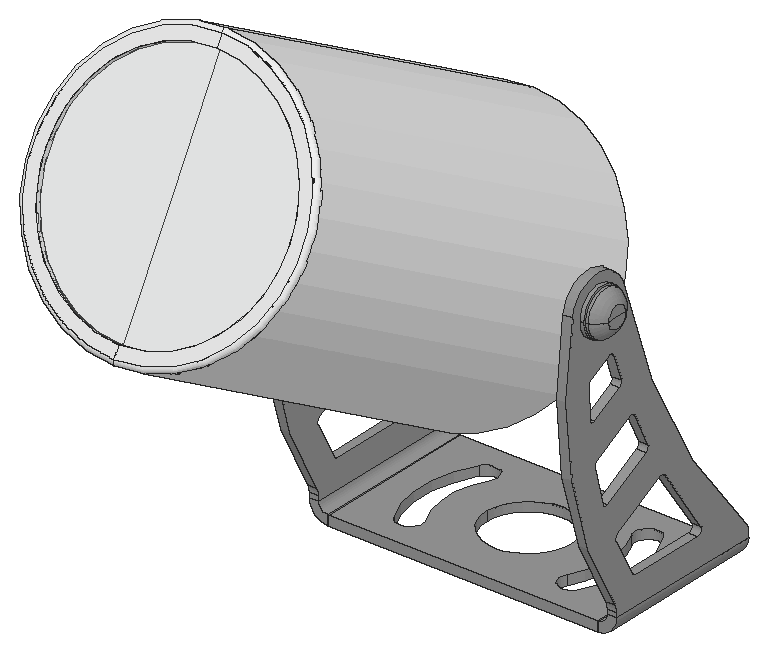
Revit family "Spot 2.4", category Lighting Fixtures, Revit 2017
Family settings
  Round Connector Dimension = Use Diameter
  Part Type = Normal
  OmniClass Number = 23.80.70.00
  OmniClass Title = Lighting
  Work Plane-Based = No
  Always vertical = No
  Cut with Voids When Loaded = No
  Light Source = No
  Shared = No
  Room Calculation Point = Yes
Parameters (values of type "Spot 2.4_L 60° (3000K 8W 230Vac)")
  X1 [instance] = 100 mm
  Wiring = "-"
  Width mm = 60 mm
  Weight kg = "0.70 kg"
  Voltage = 230 V
  Vertical rotation max = 240.00°
  Vertical Rotation max_1 [instance] = 120.00°
  Vertical Rotation Adjusted [instance] = if(Vertical Rotation 2 < Vertical Rotation min, Vertical Rotation min, if(Vertical Rotation 2 > Vertical Rotation max_1, Vertical Rotation max_1, Vertical Rotation 2))  # -60.00°
  Vertical Rotation 2 [instance] = Vertical Rotation - 90.00°  # -60.00°
  Vertical Rotation min [instance] = -120.00°
  URL Accessories and power supply units = "https://www.lucelight.it/en/prodotto.php/118034#a-scheda-accessori"
  URL = "https://www.lucelight.it/en/prodotto.php/118034"
  URL Technical sheet = "https://www.lucelight.it/media/prodotti/st/ST_SPOT_24.pdf"
  URL Image = "https://www.lucelight.it/media/prodotti/foto/spot_2.4_still.jpg"
  URL IES Photometric file = "https://www.lucelight.it/media/prodotti/fotometrie/spot_2.4_ies.zip"
  URL General code = "https://www.lucelight.it/en/prodotto.php/118034#a-generacodice"
  URL Description = "https://www.lucelight.it/en/capitolato.php/118034"
  URL DXF = "https://www.lucelight.it/media/prodotti/dxf/spot_2.4.dxf"
  URL Catalogue = "https://www.lucelight.it/media/prodotti/brochure/spot_brochure_en.pdf"
  Power supply unit = "built-in"
  Power supply = "230Vac"
  Power cables = "includes 1,5 m neoprene cable H05RN-F 3x1,0 Ø7 mm"
  Power = "8W"
  Optics = "60°"
  No. and type of led = "1 power LED High Intensity, 3-step MacAdam, 50 000h L85 B10 (Ta 25°C)"
  Model = "Spot 2.4"
  Manufacturer = "L&L Luce&Light"
  Light Source = Light Source : L60°
  Geometry = Spot2.4_mod : Spot2.4_mod
  Notes = "-"
  Mounting = "surface mounted (ceiling, wall, ground, spike)"
  Material = "body in anticorodal aluminium, screen in serigraphed, transparent and tempered extra-clear glass"
  Lumen output at source = "781 lm (3000K)"
  Description = "Outdoor projectors"
  Body = L&L_White
  Base = L&L_Stainless steel
  Lens = L&L_Tempered extra-clear glass
  Length mm = 95 mm
  LED Colour = "3000K (also available: 4000K - ref. URL Technical sheet)"
  IP = "66"
  Height mm = 143 mm
  H1 [instance] = 65 mm
  Vertical Rotation [instance] = 30.00°
  Features = "-"
  Energy efficiency class = "A A+ A++"
  Delivered lumen output = "515 lm (3000K, 34°)"
  Cutout dimensions = "-"
  Control system = "-"
  Contact = "T: +39 0444 360571; E: lucelight@lucelight.it"
  Company = "L&L Luce&Light"
  Code = "CF2410000050SH Anthracite; CF2410000050SE White"
  CRI = "80"
  Base bracket = Spot2.4_Base braket : Spot2.4_Base braket
  Bracket = L&L_Grey aluminium
  Apparent Load Phase 1 = 8 W
Types (3, lengths in mm): name | Optics | Light Source
  Spot 2.4_L 60° (3000K 8W 230Vac) | "60°" | Light Source : L60°
  Spot 2.4_M 34° (3000K 8W 230Vac) | "34°" | Light Source : M34°
  Spot 2.4_S 20° (3000K 8W 230Vac) | "20°" | Light Source : S20°
Reference planes
  plane 1 "Light Source Axis (F/B)": y = 0
  plane 2: z = 0
  plane 3 "Light Source Axis (L/R)": x = 0
  plane 4 "Light Source Elevation": z = 65
  plane 5: y = 100
Lines and regions (mm)
  reference lines
    curve 1: line (0, 100, 65) -> (0, 151.962, 35)
Dimensions and locks
  "X1": plane 1 "Light Source Axis (F/B)" to plane 5
  "H1": level to plane 4 "Light Source Elevation"
  "Vertical Rotation Adjusted": angle plane 1 "Light Source Axis (F/B)" to curve 1
  aligned and locked: level to plane 2
  aligned and locked: plane 5 to curve 1
  aligned and locked: plane 4 "Light Source Elevation" to curve 1
  aligned and locked: nested 2 to nested 3
Nested families
  nested 1: "Spot2.4_Base braket" at (0, 187.658, 0), type <- "Base bracket", type "Spot2.4_Base braket"
  nested 2: "Spot2.4_mod" at (0, 108.66, 60) x (1, 0, 0) z (0, -0.866, 0.5), type <- "Geometry", type "Spot2.4_mod"
  nested 3: "Light Source" at (1.928, 26.388, 107.5) x (0, 0.5, 0.866) z (0, -0.866, 0.5), type <- "Light Source", type "L60°"
Connectors
  electrical at (0, 100, 0), driven by "Voltage", driven by "Apparent Load Phase 1"
    settings: index 1, voltage 230 V, apparent load 0 VA, apparent load phase1 8 VA, apparent load phase2 0 VA, apparent load phase3 0 VA, power factor 1, load classification "Lighting", number of poles 1, system type 31, power factor state 1, is connector primary yes, connector utility no, sub classification motor no, connector description ""
Definition of nested family "Spot2.4_Base braket"
  Parameters (values of type "Spot2.4_Base braket")
    Width = 377.724 mm
    Length = 65.5 mm
    Base Braket = none
  Reference planes
    plane 1 "Light Source Axis (F/B)": y = 0
    plane 2: z = 0
    plane 3 "Light Source Axis (L/R)": x = 0
    plane 4 "Light Source Elevation": z = 72
    plane 5: x = -32.75
    plane 6: x = 32.75
    plane 7: z = 4
  Forms (mm)
    Extrusion 1, solid, material <- "Base Braket", detail levels coarse
      sketch origin (0, 0, 0) x (0, 1, 0) y (0, 0, 1)
        loop
          line (-47.658, 0) -> (-81.725, 72) -> (-100.044, 72) -> (-82.658, 0) -> (-47.658, 0)
      from -32.75 to 32.75
    Extrusion 2, solid, material <- "Base Braket", detail levels medium
      sketch origin (0, 0, 0) x (0, 1, 0) y (0, 0, 1)
        loop
          line (-82.658, 5) -> (-82.658, 4) -> (-47.658, 4) -> (-47.658, 5)
          arc (-47.658, 5) -> (-47.862, 6.089) -> (-48.448, 7.029) r 3
          arc (-48.448, 7.029) -> (-68.342, 34.891) -> (-80.88, 66.748) r 140
          arc (-80.88, 66.748) -> (-87.834, 71.998) -> (-94.516, 66.405) r 7
          arc (-94.516, 66.405) -> (-94.733, 35.399) -> (-83.145, 6.639) r 80
          arc (-83.145, 6.639) -> (-82.782, 5.855) -> (-82.658, 5) r 3
      from 30.75 to 32.75
    Extrusion 3, solid, material <- "Base Braket", detail levels medium+fine
      sketch origin (-97.85, 253.6, 0) x (1, 0, 0) y (0, 0, 1)
        loop
          line (130.6, 4) -> (128.6, 4)
          arc (128.6, 4) -> (128.014, 2.586) -> (126.6, 2) r 2
          line (126.6, 2) -> (126.6, 0)
          arc (126.6, 0) -> (129.428, 1.172) -> (130.6, 4) r 4
      from 301.258 to 336.258
    Extrusion 4, solid, material <- "Base Braket", detail levels fine
      sketch origin (0, 0, 0) x (1, 0, 0) y (0, 1, 0)
        loop
          line (28.75, -47.658) -> (-28.75, -47.658) -> (-28.75, -82.658) -> (28.75, -82.658) -> (28.75, -47.658)
        loop
          arc (-19.702, -53.783) -> (-22.75, -65.158) -> (-19.702, -76.533) r 22.75
          arc (-19.702, -76.533) -> (-15.946, -77.54) -> (-14.939, -73.783) r 2.75
          arc (-14.939, -73.783) -> (-17.25, -65.158) -> (-14.939, -56.533) r 17.25
          arc (-14.939, -56.533) -> (-15.946, -52.776) -> (-19.702, -53.783) r 2.75
        loop
          arc (19.702, -53.783) -> (15.946, -52.776) -> (14.939, -56.533) r 2.75
          arc (14.939, -56.533) -> (17.25, -65.158) -> (14.939, -73.783) r 17.25
          arc (14.939, -73.783) -> (15.946, -77.54) -> (19.702, -76.533) r 2.75
          arc (19.702, -76.533) -> (22.75, -65.158) -> (19.702, -53.783) r 22.75
        loop
          circle (0, -65.158) r 9
      from 0 to 2
    Extrusion 5, solid, material <- "Base Braket", detail levels medium
      sketch origin (0, 0, 0) x (1, 0, 0) y (0, 1, 0)
        loop
          line (28.75, -47.658) -> (-28.75, -47.658) -> (-28.75, -82.658) -> (28.75, -82.658) -> (28.75, -47.658)
      from 0 to 2
    Extrusion 6, solid, material <- "Base Braket", detail levels medium
      sketch origin (0, 0, 0) x (0, 1, 0) y (0, 0, -1)
        loop
          arc (-82.658, -5) -> (-82.782, -5.855) -> (-83.145, -6.639) r 3
          arc (-83.145, -6.639) -> (-94.733, -35.399) -> (-94.516, -66.405) r 80
          arc (-94.516, -66.405) -> (-87.834, -71.998) -> (-80.88, -66.748) r 7
          arc (-80.88, -66.748) -> (-68.342, -34.891) -> (-48.448, -7.029) r 140
          arc (-48.448, -7.029) -> (-47.862, -6.089) -> (-47.658, -5) r 3
          line (-47.658, -5) -> (-47.658, -4) -> (-82.658, -4) -> (-82.658, -5)
      from 30.75 to 32.75
    Extrusion 7, solid, material <- "Base Braket", detail levels medium+fine
      sketch origin (97.85, 253.6, 0) x (-1, 0, 0) y (0, 0, -1)
        loop
          arc (130.6, -4) -> (129.428, -1.172) -> (126.6, 0) r 4
          line (126.6, 0) -> (126.6, -2)
          arc (126.6, -2) -> (128.014, -2.586) -> (128.6, -4) r 2
          line (128.6, -4) -> (130.6, -4)
      from 301.258 to 336.258
    Extrusion 8, solid, material <- "Base Braket", detail levels fine
      sketch origin (0, 0, 0) x (0, 1, 0) y (0, 0, 1)
        loop
          line (-82.658, 5) -> (-82.658, 4) -> (-47.658, 4) -> (-47.658, 5)
          arc (-47.658, 5) -> (-47.862, 6.089) -> (-48.448, 7.029) r 3
          arc (-48.448, 7.029) -> (-68.342, 34.891) -> (-80.88, 66.748) r 140
          arc (-80.88, 66.748) -> (-87.834, 71.998) -> (-94.516, 66.405) r 7
          arc (-94.516, 66.405) -> (-94.733, 35.399) -> (-83.145, 6.639) r 80
          arc (-83.145, 6.639) -> (-82.782, 5.855) -> (-82.658, 5) r 3
        loop
          arc (-89.605, 52.543) -> (-89.985, 52.183) -> (-90.131, 51.681) r 1
          arc (-90.131, 51.681) -> (-90.114, 48.277) -> (-89.94, 44.878) r 74
          arc (-89.94, 44.878) -> (-89.424, 44.075) -> (-88.47, 44.071) r 1
          line (-88.47, 44.071) -> (-81.874, 47.616)
          arc (-81.874, 47.616) -> (-81.409, 48.151) -> (-81.415, 48.859) r 1
          arc (-81.415, 48.859) -> (-82.475, 51.676) -> (-83.478, 54.515) r 146
          arc (-83.478, 54.515) -> (-84.059, 55.123) -> (-84.897, 55.073) r 1
          line (-84.897, 55.073) -> (-89.605, 52.543)
        loop
          arc (-88.08, 36.334) -> (-88.513, 35.875) -> (-88.586, 35.249) r 1
          arc (-88.586, 35.249) -> (-87.621, 31.195) -> (-86.429, 27.202) r 74
          arc (-86.429, 27.202) -> (-85.85, 26.586) -> (-85.006, 26.633) r 1
          line (-85.006, 26.633) -> (-74.798, 32.119)
          arc (-74.798, 32.119) -> (-74.314, 32.709) -> (-74.387, 33.468) r 1
          arc (-74.387, 33.468) -> (-76.197, 37.007) -> (-77.91, 40.595) r 146
          arc (-77.91, 40.595) -> (-78.501, 41.124) -> (-79.291, 41.057) r 1
          line (-79.291, 41.057) -> (-88.08, 36.334)
        loop
          arc (-82.591, 19.984) -> (-83.067, 19.416) -> (-83.021, 18.676) r 1
          arc (-83.021, 18.676) -> (-80.877, 14.496) -> (-78.471, 10.461) r 74
          arc (-78.471, 10.461) -> (-78.109, 10.123) -> (-77.629, 10) r 1
          line (-77.629, 10) -> (-60.994, 10)
          arc (-60.994, 10) -> (-60.095, 10.562) -> (-60.207, 11.617) r 1
          arc (-60.207, 11.617) -> (-65.294, 18.513) -> (-69.968, 25.695) r 146
          arc (-69.968, 25.695) -> (-70.56, 26.139) -> (-71.295, 26.055) r 1
          line (-71.295, 26.055) -> (-82.591, 19.984)
        loop
          circle (-87.658, 65) r 5
      from 30.75 to 32.75
    Extrusion 9, solid, material <- "Base Braket", detail levels fine
      sketch origin (0, 0, 0) x (0, 1, 0) y (0, 0, 1)
        loop
          circle (-87.658, 65) r 5
      from 29.75 to 33.75
    Revolve 10, solid, material <- "Base Braket", detail levels fine
      sketch origin (-63.839, 0, 64.996) x (0, 1, 0) y (-1, 0, 0)
        loop
          line (-92.408, -97.589) -> (-92.408, -98.385)
          arc (-92.408, -98.385) -> (-91.345, -99.717) -> (-89.908, -100.635) r 5.2
          line (-89.908, -100.635) -> (-87.658, -100.635) -> (-87.658, -97.589) -> (-92.408, -97.589)
        axis (-87.658, -97.589) -> (-87.658, -100.635)
      angle from 0 to 360
    Extrusion 11, solid, material <- "Base Braket", detail levels fine
      sketch origin (0, 0, 0) x (0, 1, 0) y (0, 0, -1)
        loop
          arc (-82.658, -5) -> (-82.782, -5.855) -> (-83.145, -6.639) r 3
          arc (-83.145, -6.639) -> (-94.733, -35.399) -> (-94.516, -66.405) r 80
          arc (-94.516, -66.405) -> (-87.834, -71.998) -> (-80.88, -66.748) r 7
          arc (-80.88, -66.748) -> (-68.342, -34.891) -> (-48.448, -7.029) r 140
          arc (-48.448, -7.029) -> (-47.862, -6.089) -> (-47.658, -5) r 3
          line (-47.658, -5) -> (-47.658, -4) -> (-82.658, -4) -> (-82.658, -5)
        loop
          line (-89.605, -52.543) -> (-84.897, -55.073)
          arc (-84.897, -55.073) -> (-84.059, -55.123) -> (-83.478, -54.515) r 1
          arc (-83.478, -54.515) -> (-82.475, -51.676) -> (-81.415, -48.859) r 146
          arc (-81.415, -48.859) -> (-81.409, -48.151) -> (-81.874, -47.616) r 1
          line (-81.874, -47.616) -> (-88.47, -44.071)
          arc (-88.47, -44.071) -> (-89.424, -44.075) -> (-89.94, -44.878) r 1
          arc (-89.94, -44.878) -> (-90.114, -48.277) -> (-90.131, -51.681) r 74
          arc (-90.131, -51.681) -> (-89.985, -52.183) -> (-89.605, -52.543) r 1
        loop
          line (-88.08, -36.334) -> (-79.291, -41.057)
          arc (-79.291, -41.057) -> (-78.501, -41.124) -> (-77.91, -40.595) r 1
          arc (-77.91, -40.595) -> (-76.197, -37.007) -> (-74.387, -33.468) r 146
          arc (-74.387, -33.468) -> (-74.314, -32.709) -> (-74.798, -32.119) r 1
          line (-74.798, -32.119) -> (-85.006, -26.633)
          arc (-85.006, -26.633) -> (-85.85, -26.586) -> (-86.429, -27.202) r 1
          arc (-86.429, -27.202) -> (-87.621, -31.195) -> (-88.586, -35.249) r 74
          arc (-88.586, -35.249) -> (-88.513, -35.875) -> (-88.08, -36.334) r 1
        loop
          line (-82.591, -19.984) -> (-71.295, -26.055)
          arc (-71.295, -26.055) -> (-70.56, -26.139) -> (-69.968, -25.695) r 1
          arc (-69.968, -25.695) -> (-65.294, -18.513) -> (-60.207, -11.617) r 146
          arc (-60.207, -11.617) -> (-60.095, -10.562) -> (-60.994, -10) r 1
          line (-60.994, -10) -> (-77.629, -10)
          arc (-77.629, -10) -> (-78.109, -10.123) -> (-78.471, -10.461) r 1
          arc (-78.471, -10.461) -> (-80.877, -14.496) -> (-83.021, -18.676) r 74
          arc (-83.021, -18.676) -> (-83.067, -19.416) -> (-82.591, -19.984) r 1
        loop
          circle (-87.658, -65) r 5
      from 30.75 to 32.75
    Extrusion 12, solid, material <- "Base Braket", detail levels fine
      sketch origin (0, 0, 0) x (0, 1, 0) y (0, 0, -1)
        loop
          circle (-87.658, -65) r 5
      from 29.75 to 33.75
    Revolve 13, solid, material <- "Base Braket", detail levels fine
      sketch origin (63.839, 0, 64.996) x (0, 1, 0) y (-1, 0, 0)
        loop
          line (-92.408, 97.589) -> (-87.658, 97.589) -> (-87.658, 100.635) -> (-89.908, 100.635)
          arc (-89.908, 100.635) -> (-91.345, 99.717) -> (-92.408, 98.385) r 5.2
          line (-92.408, 98.385) -> (-92.408, 97.589)
        axis (-87.658, 97.589) -> (-87.658, 100.635)
      angle from 0 to 360
  Dimensions and locks
    equal spacing: plane 5, plane 3 "Light Source Axis (L/R)", plane 6
    "Length": plane 5 to plane 6
    level to plane 4 "Light Source Elevation" = 72 mm
    aligned and locked: level to plane 2
    aligned and locked: plane 4 "Light Source Elevation" to Extrusion 1
    aligned and locked: Extrusion 1 to plane 5
    aligned and locked: plane 6 to Extrusion 1
  Automatic sketch dimensions
    plane 4 "Light Source Elevation" to Extrusion 1 sketch curve = 0 mm
    Extrusion 1 sketch curve to level = 0 mm
    plane 1 "Light Source Axis (F/B)" to Extrusion 1 sketch curve = 100.044 mm
    Extrusion 1 sketch curve to Extrusion 1 sketch curve = 17.386 mm
    Extrusion 1 sketch curve to Extrusion 1 sketch curve = 18.32 mm
    Extrusion 1 sketch curve to Extrusion 1 sketch curve = 35 mm
    Extrusion 2 sketch curve to plane 7 = 0 mm
    plane 4 "Light Source Elevation" to Extrusion 2 sketch curve = 7 mm
    plane 1 "Light Source Axis (F/B)" to Extrusion 2 sketch curve = 87.658 mm
    plane 7 to Extrusion 2 sketch curve = 1 mm  (x2)
    Extrusion 2 sketch curve to Extrusion 2 sketch curve = 2 mm
    Extrusion 2 sketch curve to Extrusion 2 sketch curve = 3 mm  (x2)
    Extrusion 2 sketch curve to Extrusion 2 sketch curve = 32 mm
    plane 1 "Light Source Axis (F/B)" to Extrusion 2 sketch curve = 16.143 mm
    Extrusion 2 sketch curve to plane 1 "Light Source Axis (F/B)" = 54.686 mm
    plane 4 "Light Source Elevation" to Extrusion 2 sketch curve = 21.65 mm
    Extrusion 2 sketch curve to plane 4 "Light Source Elevation" = 29.704 mm
    plane 4 "Light Source Elevation" to Extrusion 2 sketch curve = 5.595 mm
    Extrusion 2 sketch curve to Extrusion 2 sketch curve = 0 mm  (x2)
    Extrusion 3 sketch curve to Extrusion 3 sketch curve = 0 mm  (x2)
    Extrusion 3 sketch curve to level = 0 mm
    Extrusion 3 sketch curve to plane 7 = 0 mm
    Extrusion 3 sketch curve to plane 6 = 0 mm
    Extrusion 3 sketch curve to Extrusion 3 sketch curve = 2 mm
    Extrusion 4 sketch curve to Extrusion 4 sketch curve = 0 mm  (x24)
    Extrusion 4 sketch curve to plane 3 "Light Source Axis (L/R)" = 0 mm
    plane 5 to Extrusion 4 sketch curve = 15.429 mm  (x2)
    plane 5 to Extrusion 4 sketch curve = 4 mm
    Extrusion 4 sketch curve to plane 6 = 15.429 mm  (x2)
    Extrusion 4 sketch curve to plane 6 = 4 mm
    plane 1 "Light Source Axis (F/B)" to Extrusion 4 sketch curve = 82.658 mm
    Extrusion 4 sketch curve to Extrusion 4 sketch curve = 7.5 mm  (x3)
    Extrusion 4 sketch curve to Extrusion 4 sketch curve = 10 mm
    Extrusion 4 sketch curve to Extrusion 4 sketch curve = 20 mm  (x2)
    Extrusion 4 sketch curve to Extrusion 4 sketch curve = 2.382 mm  (x4)
    plane 5 to Extrusion 5 sketch curve = 4 mm
    Extrusion 5 sketch curve to plane 6 = 4 mm
    plane 1 "Light Source Axis (F/B)" to Extrusion 5 sketch curve = 82.658 mm
    Extrusion 5 sketch curve to Extrusion 5 sketch curve = 35 mm
    plane 7 to Extrusion 6 sketch curve = 0 mm
    plane 4 "Light Source Elevation" to Extrusion 6 sketch curve = 7 mm
    plane 1 "Light Source Axis (F/B)" to Extrusion 6 sketch curve = 87.658 mm
    plane 7 to Extrusion 6 sketch curve = 1 mm  (x2)
    Extrusion 6 sketch curve to Extrusion 6 sketch curve = 2 mm
    Extrusion 6 sketch curve to Extrusion 6 sketch curve = 3 mm  (x2)
    Extrusion 6 sketch curve to Extrusion 6 sketch curve = 32 mm
    plane 1 "Light Source Axis (F/B)" to Extrusion 6 sketch curve = 16.143 mm
    Extrusion 6 sketch curve to plane 1 "Light Source Axis (F/B)" = 54.686 mm
    Extrusion 6 sketch curve to plane 4 "Light Source Elevation" = 29.704 mm
    plane 4 "Light Source Elevation" to Extrusion 6 sketch curve = 21.65 mm
    plane 4 "Light Source Elevation" to Extrusion 6 sketch curve = 5.595 mm
    Extrusion 6 sketch curve to Extrusion 6 sketch curve = 0 mm  (x2)
    Extrusion 7 sketch curve to Extrusion 7 sketch curve = 0 mm  (x2)
    Extrusion 7 sketch curve to level = 0 mm
    Extrusion 7 sketch curve to plane 7 = 0 mm
    Extrusion 7 sketch curve to plane 5 = 0 mm
    Extrusion 7 sketch curve to Extrusion 7 sketch curve = 2 mm
    Extrusion 8 sketch curve to Extrusion 8 sketch curve = 0 mm  (x22)
    Extrusion 8 sketch curve to plane 7 = 0 mm
    plane 4 "Light Source Elevation" to Extrusion 8 sketch curve = 19.457 mm
    plane 1 "Light Source Axis (F/B)" to Extrusion 8 sketch curve = 89.605 mm
    Extrusion 8 sketch curve to Extrusion 8 sketch curve = 0.473 mm  (x10)
    Extrusion 8 sketch curve to Extrusion 8 sketch curve = 0.188 mm
    plane 4 "Light Source Elevation" to Extrusion 8 sketch curve = 27.929 mm
    plane 7 to Extrusion 8 sketch curve = 32.334 mm
    Extrusion 8 sketch curve to Extrusion 8 sketch curve = 0.39 mm
    plane 4 "Light Source Elevation" to Extrusion 8 sketch curve = 7 mm
    Extrusion 8 sketch curve to Extrusion 8 sketch curve = 1.947 mm
    plane 7 to Extrusion 8 sketch curve = 1 mm  (x2)
    Extrusion 8 sketch curve to Extrusion 8 sketch curve = 1.949 mm
    Extrusion 8 sketch curve to Extrusion 8 sketch curve = 2.128 mm
    plane 7 to Extrusion 8 sketch curve = 22.633 mm
    plane 4 "Light Source Elevation" to Extrusion 8 sketch curve = 16.927 mm
    Extrusion 8 sketch curve to Extrusion 8 sketch curve = 4.707 mm
    Extrusion 8 sketch curve to Extrusion 8 sketch curve = 3 mm  (x2)
    plane 7 to Extrusion 8 sketch curve = 15.984 mm
    Extrusion 8 sketch curve to Extrusion 8 sketch curve = 2.415 mm
    Extrusion 8 sketch curve to Extrusion 8 sketch curve = 2.077 mm
    plane 4 "Light Source Elevation" to Extrusion 8 sketch curve = 24.384 mm
    plane 4 "Light Source Elevation" to Extrusion 8 sketch curve = 30.943 mm
    Extrusion 8 sketch curve to Extrusion 8 sketch curve = 2.582 mm
    Extrusion 8 sketch curve to Extrusion 8 sketch curve = 5.029 mm
    Extrusion 8 sketch curve to Extrusion 8 sketch curve = 3.547 mm
    plane 7 to Extrusion 8 sketch curve = 28.119 mm
    plane 7 to Extrusion 8 sketch curve = 22.055 mm
    Extrusion 8 sketch curve to Extrusion 8 sketch curve = 3.503 mm
    plane 7 to Extrusion 8 sketch curve = 6 mm
    Extrusion 8 sketch curve to Extrusion 8 sketch curve = 16.635 mm
    Extrusion 8 sketch curve to Extrusion 8 sketch curve = 10.336 mm
    plane 1 "Light Source Axis (F/B)" to Extrusion 8 sketch curve = 16.143 mm
    Extrusion 8 sketch curve to plane 1 "Light Source Axis (F/B)" = 54.686 mm
    Extrusion 8 sketch curve to Extrusion 8 sketch curve = 1 mm  (x2)
    Extrusion 8 sketch curve to Extrusion 8 sketch curve = 0.881 mm  (x10)
    plane 4 "Light Source Elevation" to Extrusion 8 sketch curve = 21.65 mm
    Extrusion 8 sketch curve to plane 4 "Light Source Elevation" = 29.704 mm
    plane 4 "Light Source Elevation" to Extrusion 8 sketch curve = 5.595 mm
    plane 4 "Light Source Elevation" to Extrusion 9 sketch curve = 7 mm
    plane 1 "Light Source Axis (F/B)" to Extrusion 9 sketch curve = 87.658 mm
    plane 6 to Revolve 10 sketch curve = 1.796 mm
    plane 1 "Light Source Axis (F/B)" to Revolve 10 sketch curve = 92.408 mm
    Revolve 10 sketch curve to Revolve 10 sketch curve = 2.5 mm
    Revolve 10 sketch curve to plane 6 = 0.737 mm
    Revolve 10 sketch curve to Revolve 10 sketch curve = 4.542 mm
    Revolve 10 sketch curve to Revolve 10 sketch curve = 0.208 mm  (x2)
    plane 6 to Revolve 10 sketch curve = 1 mm
    Revolve 10 sketch curve to Revolve 10 sketch curve = 0.951 mm
    Revolve 10 sketch curve to Revolve 10 sketch curve = 1.11 mm
    Extrusion 11 sketch curve to Extrusion 11 sketch curve = 0 mm  (x22)
    plane 7 to Extrusion 11 sketch curve = 0 mm
    plane 4 "Light Source Elevation" to Extrusion 11 sketch curve = 19.457 mm
    plane 1 "Light Source Axis (F/B)" to Extrusion 11 sketch curve = 89.605 mm
    Extrusion 11 sketch curve to Extrusion 11 sketch curve = 0.473 mm  (x10)
    Extrusion 11 sketch curve to Extrusion 11 sketch curve = 0.188 mm
    plane 4 "Light Source Elevation" to Extrusion 11 sketch curve = 27.929 mm
    plane 7 to Extrusion 11 sketch curve = 32.334 mm
    Extrusion 11 sketch curve to Extrusion 11 sketch curve = 0.39 mm
    plane 4 "Light Source Elevation" to Extrusion 11 sketch curve = 7 mm
    Extrusion 11 sketch curve to Extrusion 11 sketch curve = 1.947 mm
    plane 7 to Extrusion 11 sketch curve = 1 mm  (x2)
    Extrusion 11 sketch curve to Extrusion 11 sketch curve = 1.949 mm
    Extrusion 11 sketch curve to Extrusion 11 sketch curve = 2.128 mm
    plane 7 to Extrusion 11 sketch curve = 22.633 mm
    plane 4 "Light Source Elevation" to Extrusion 11 sketch curve = 16.927 mm
    Extrusion 11 sketch curve to Extrusion 11 sketch curve = 4.707 mm
    Extrusion 11 sketch curve to Extrusion 11 sketch curve = 3 mm  (x2)
    plane 7 to Extrusion 11 sketch curve = 15.984 mm
    Extrusion 11 sketch curve to Extrusion 11 sketch curve = 2.415 mm
    Extrusion 11 sketch curve to Extrusion 11 sketch curve = 2.077 mm
    plane 4 "Light Source Elevation" to Extrusion 11 sketch curve = 24.384 mm
    plane 4 "Light Source Elevation" to Extrusion 11 sketch curve = 30.943 mm
    Extrusion 11 sketch curve to Extrusion 11 sketch curve = 2.582 mm
    Extrusion 11 sketch curve to Extrusion 11 sketch curve = 5.029 mm
    Extrusion 11 sketch curve to Extrusion 11 sketch curve = 3.547 mm
    plane 7 to Extrusion 11 sketch curve = 28.119 mm
    plane 7 to Extrusion 11 sketch curve = 22.055 mm
    Extrusion 11 sketch curve to Extrusion 11 sketch curve = 3.503 mm
    plane 7 to Extrusion 11 sketch curve = 6 mm
    Extrusion 11 sketch curve to Extrusion 11 sketch curve = 16.635 mm
    Extrusion 11 sketch curve to Extrusion 11 sketch curve = 10.336 mm
    plane 1 "Light Source Axis (F/B)" to Extrusion 11 sketch curve = 16.143 mm
    Extrusion 11 sketch curve to plane 1 "Light Source Axis (F/B)" = 54.686 mm
    Extrusion 11 sketch curve to plane 4 "Light Source Elevation" = 29.704 mm
    Extrusion 11 sketch curve to Extrusion 11 sketch curve = 0.881 mm  (x10)
    plane 4 "Light Source Elevation" to Extrusion 11 sketch curve = 21.65 mm
    Extrusion 11 sketch curve to Extrusion 11 sketch curve = 1 mm  (x2)
    plane 4 "Light Source Elevation" to Extrusion 11 sketch curve = 5.595 mm
    plane 4 "Light Source Elevation" to Extrusion 12 sketch curve = 7 mm
    plane 1 "Light Source Axis (F/B)" to Extrusion 12 sketch curve = 87.658 mm
    Revolve 13 sketch curve to plane 5 = 1.796 mm
    plane 1 "Light Source Axis (F/B)" to Revolve 13 sketch curve = 92.408 mm
    Revolve 13 sketch curve to Revolve 13 sketch curve = 2.5 mm
    plane 5 to Revolve 13 sketch curve = 0.737 mm
    Revolve 13 sketch curve to Revolve 13 sketch curve = 4.542 mm
    Revolve 13 sketch curve to Revolve 13 sketch curve = 0.208 mm  (x2)
    Revolve 13 sketch curve to plane 5 = 1 mm
    Revolve 13 sketch curve to Revolve 13 sketch curve = 1.11 mm
    Revolve 13 sketch curve to Revolve 13 sketch curve = 0.951 mm
    Extrusion 8 sketch curve to Extrusion 8 sketch curve = 1.858 mm
    Extrusion 11 sketch curve to Extrusion 11 sketch curve = 1.858 mm
    radius of Extrusion 4 sketch curve = 9 mm
    radius of Extrusion 9 sketch curve = 5 mm
    radius of Extrusion 12 sketch curve = 5 mm
Definition of nested family "Spot2.4_mod"
  Parameters (values of type "Spot2.4_mod")
    Power Supply = none
    Lens = none
    Default Elevation = 1219.2 mm
    Body = none
  Reference planes
    plane 1 "Light Source Axis (F/B)": y = 0
    plane 2: z = 0
    plane 3 "Light Source Axis (L/R)": x = 0
    plane 4 "Light Source Elevation": z = 95
  Forms (mm)
    Extrusion 1, solid, material <- "Body", detail levels coarse
      sketch origin (0, 0, 0) x (1, 0, 0) y (0, 1, 0)
        loop
          circle (0, 0) r 29.75
      from 0 to 95
    Extrusion 2, solid, material <- "Lens", detail levels medium+fine
      sketch origin (0, 0, 0) x (1, 0, 0) y (0, 1, 0)
        loop
          circle (0, 0) r 26.1
      from 94 to 95
    Revolve 3, solid, material <- "Body", detail levels medium
      sketch origin (0, 0, 0) x (0, 1, 0) y (0, 0, 1)
        loop
          line (-26.1, 95) -> (-29.75, 95) -> (-29.75, 0) -> (0, 0) -> (0, 94) -> (-26.1, 94) -> (-26.1, 95)
        axis (0, 95) -> (0, 0)
      angle from 0 to 360
    Revolve 4, solid, material <- "Body", detail levels fine
      sketch origin (0, 0, 0) x (0, 1, 0) y (0, 0, 1)
        loop
          line (-29.75, 0) -> (0, 0) -> (0, 94) -> (-26.1, 94) -> (-26.1, 95) -> (-28.75, 95)
          arc (-28.75, 95) -> (-29.457, 94.707) -> (-29.75, 94) r 1
          line (-29.75, 94) -> (-29.75, 0)
        axis (0, 95) -> (0, 0)
      angle from 0 to 360
  Dimensions and locks
    level to plane 4 "Light Source Elevation" = 95 mm
    aligned and locked: level to plane 2
    aligned and locked: plane 4 "Light Source Elevation" to Extrusion 1
  Nested families
    nested 1: "Power supply" at (0, 0, -17.668), type "Power supply", detail levels fine
  Definition of nested family "Power supply"
    Parameters (values of type "Power supply")
      Power supply = none
      Default Elevation = 1219.2 mm
    Reference planes
      plane 1 "Light Source Axis (F/B)": y = 0
      plane 2: z = 0
      plane 3 "Light Source Axis (L/R)": x = 0
      plane 4 "Light Source Elevation": z = 1500
    Forms (mm)
      Extrusion 1, solid, material <- "Power supply"
        sketch origin (36.054, -17.504, -12.62) x (1, 0, 0) y (0, 1, 0)
          loop
            line (-25.085, 17.504) -> (-30.57, 27.004) -> (-41.539, 27.004) -> (-47.024, 17.504) -> (-41.539, 8.004) -> (-30.57, 8.004) -> (-25.085, 17.504)
        from 5.538 to 16.538
      Extrusion 2, solid, material <- "Power supply"
        sketch origin (36.054, -14.716, -1.875) x (1, 0, 0) y (0, 1, 0)
          loop
            circle (-36.054, 14.716) r 7.8
        from 5.793 to 11.543
      Extrusion 3, solid, material <- "Power supply"
        sketch origin (33.254, -14.716, 4.687) x (1, 0, 0) y (0, 1, 0)
          loop
            line (-33.254, 25.705) -> (-42.771, 20.21) -> (-42.771, 9.221) -> (-33.254, 3.727) -> (-23.738, 9.221) -> (-23.738, 20.21) -> (-33.254, 25.705)
        from 4.98 to 12.98
      Revolve 4, solid, material <- "Power supply"
        sketch origin (0, 0, 0) x (0, 1, 0) y (0, 0, 1)
          loop
            line (-8.981, -7.082) -> (-8.981, -7.882)
            arc (-8.981, -7.882) -> (-7.949, -10.322) -> (-5.481, -11.282) r 3.401
            line (-5.481, -11.282) -> (0, -11.282) -> (0, -7.082) -> (-8.981, -7.082)
          axis (0, -7.082) -> (0, -11.282)
        angle from 0 to 360
    Dimensions and locks
      aligned and locked: level to plane 2
Definition of nested family "Light Source"
  Parameters (values of type "L60°")
    Wattage = 5.25777 W
    built-in parameter 1150110 = 1 (stored number, unit not read)
    built-in parameter 1114217 = 1 (stored number, unit not read)
    Tilt Angle = 90.00°
    built-in parameter 1150109 = 1 (stored number, unit not read)
    built-in parameter 1150134 = (empty or 0)
    built-in parameter 1150113 = 1 (stored number, unit not read)
    Photometric Web File = "SPOT 2.4 L 60 [3000K 8W 230Vac].IES"
    Lumens = 781 lm
    built-in parameter 1150115 = 1 (stored number, unit not read)
    built-in parameter 1150105 = 62.15 (stored number, unit not read)
    built-in parameter 1150137 = (empty or 0)
    built-in parameter 1150139 = (empty or 0)
    built-in parameter 1150112 = 1 (stored number, unit not read)
    built-in parameter 1150114 = 1 (stored number, unit not read)
    built-in parameter 1150132 = 2
    built-in parameter 1150102 = (empty or 0)
    built-in parameter 1150138 = (empty or 0)
    built-in parameter 1150107 = 3000 (stored number, unit not read)
    built-in parameter 1150106 = 0.6215 (stored number, unit not read)
    built-in parameter 1150104 = 13.8 (stored number, unit not read)
    Dimming Lamp Color Temperature Shift = (empty or 0)
    Default Elevation = 1219.2 mm
    Color Filter = 16777215
    built-in parameter 1114218 = 1 (stored number, unit not read)
    built-in parameter 1150133 = 10 (stored number, unit not read)
  Types (3, lengths in mm): name | Photometric Web File
    L60° | "SPOT 2.4 L 60 [3000K 8W 230Vac].IES"
    M34° | "SPOT 2.4 M 34 [3000K 8W 230Vac].IES"
    S20° | "SPOT 2.4 S 20 [3000K 8W 230Vac].IES"
  Reference planes
    plane 1 "Light Source Axis (F/B)": y = 0
    plane 2: z = 0
    plane 3 "Light Source Axis (L/R)": x = 0
    plane 4 "Light Source Elevation": z = 0
  Dimensions and locks
    aligned and locked: plane 3 "Light Source Axis (L/R)" to imposter light
    aligned and locked: plane 1 "Light Source Axis (F/B)" to imposter light
    aligned and locked: plane 4 "Light Source Elevation" to imposter light
    aligned and locked: level to plane 2
